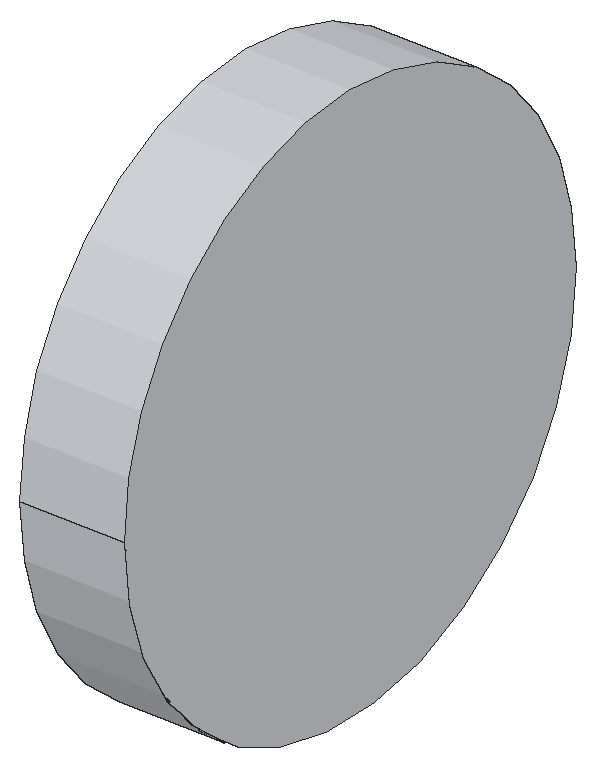
Revit family "M_Flange - Cega - Aço - Classe 900", category Conexões de tubo, Revit 2019
Family settings
  Cota do conector redondo = Usar raio
  Tipo de parte = Cobertura
  Número OmniClass = 23.60.30.11.14
  Título OmniClass = Pipework Fittings
  ID de item do Seek = Flange - Blind - Steel - Class 900-0000-CAN-ENU
  Com base no plano de trabalho = Não
  Sempre na vertical = Sim
  Corte com vazios quando carregada = Não
  Compartilhado = Não
Parameters (values of type "Padrão")
  Tamanho da marca de revisão [instance] = Diâmetro externo da flange * 0.4  # 48 mm
  Espessura da face elevada [instance] = 6.35 mm  # constant formula
  Raio da face elevada [instance] = Diâmetro da face elevada / 2  # 17.45 mm
  Diâmetro da face elevada [instance] = size_lookup(Nome da tabela de pesquisa, "RFD", 1.11 * Diâmetro nominal + 34.727 mm, Diâmetro nominal)  # 34.9 mm
  Raio nominal [instance] = 7.5 mm
  Diâmetro nominal [instance] = Raio nominal * 2  # 15 mm
  Método de perda = Não definido
  Nome da tabela de pesquisa = "M_Flange - Blind - Steel - Class 900"
  Espessura do flange [instance] = size_lookup(Nome da tabela de pesquisa, "FThk", 0.18 * Diâmetro nominal + 25.202 mm, Diâmetro nominal)  # 22.3 mm
  Raio externo da flange [instance] = Diâmetro externo da flange / 2  # 60 mm
  Diâmetro externo da flange [instance] = size_lookup(Nome da tabela de pesquisa, "FOD", 1.5 * Diâmetro nominal + 130.274 mm, Diâmetro nominal)  # 120 mm
Reference planes
  plane 1 "Centro (Frente/Trás)": y = 0
  plane 2: z = 0
  plane 3 "Centro (Esquerda/Direita)": x = 0
  plane 4: x = 6.35
  plane 5: x = 28.65
  plane 6: y = 48
  plane 7: y = -48
Forms (mm)
  Extrusion 1, solid, detail levels fine
    sketch origin (0, 0, 0) x (0, 1, 0) y (0, 0, 1)
      loop
        circle (0, 0) r 17.45
    from 0 to 6.35
  Extrusion 2, solid, detail levels fine
    sketch origin (0, 0, 0) x (0, 1, 0) y (0, 0, 1)
      loop
        circle (0, 0) r 60
    from 6.35 to 28.65
Cuts and joins
  joined: Extrusion 1, Extrusion 2
Lines and regions (mm)
  model lines, detail levels coarse+medium
    curve 1: line (0, 48, 0) -> (0, -48, 0)
Dimensions and locks
  "Espessura da face elevada": plane 3 "Centro (Esquerda/Direita)" to plane 4
  "Espessura do flange": plane 4 to plane 5
  equal spacing: plane 6, plane 1 "Centro (Frente/Trás)", plane 7
  "Tamanho da marca de revisão": plane 6 to plane 1 "Centro (Frente/Trás)"
  "Raio da face elevada": radius of Extrusion 1 sketch curve
  "Raio externo da flange": radius of Extrusion 2 sketch curve
  aligned and locked: plane 6 to curve 1
  aligned and locked: plane 7 to curve 1
  aligned and locked: plane 1 "Centro (Frente/Trás)" to Extrusion 1 sketch curve
  aligned and locked: plane 2 to Extrusion 1 sketch curve
  aligned and locked: Extrusion 1 to plane 3 "Centro (Esquerda/Direita)"
  aligned and locked: plane 4 to Extrusion 1
  aligned and locked: plane 1 "Centro (Frente/Trás)" to Extrusion 2 sketch curve
  aligned and locked: plane 2 to Extrusion 2 sketch curve
  aligned and locked: Extrusion 2 to plane 4
  aligned and locked: plane 5 to Extrusion 2
Automatic sketch dimensions
  curve 1 to plane 6 = 0 mm
  curve 1 to plane 3 "Centro (Esquerda/Direita)" = 0 mm
  Extrusion 2 sketch curve to level = 0 mm
Connectors
  piping at (0, 0, 0), diameter 15, driven by "Raio nominal"
    settings: on cut or joined group of Extrusion 1, Extrusion 2, index 1, connector inside diameter 15 mm, connector length 0 mm, flow factor 0, pipe flow 0.0 L/s, pressure drop 0.0 Pa, fitting loss kfactor 0, connector angle 0.00°, fixture units 0, engagement length 0 mm, angle of deflection 0.00°, flow configuration 0, flow direction 0, fitting loss method 0, system type 28, joint type 0, gender type 0, connector reference index -1, connector utility 0, adjustable connector no, is connector primary yes, connector description ""
